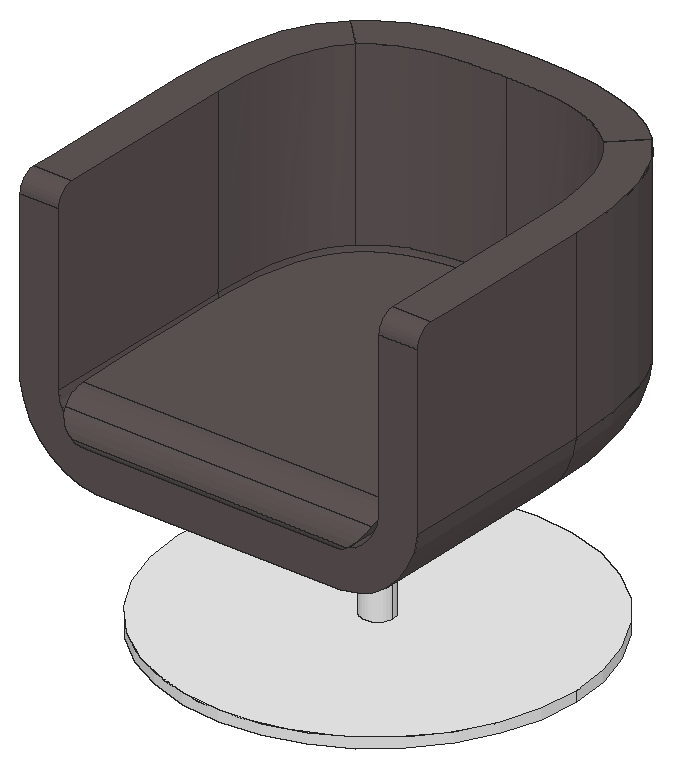
Revit family "Seating-Chair-Teknion-BBTCM_Tulip-R2012", category Furniture, Revit 2013
Parameters (values of type "Swivel Lounge Chair")
  Width = 2' - 2"  # constant formula
  Warranty = "http://www.teknionstudio.com/pdfs/Teknion%20Studio%20Warranty.pdf"
  Unit Weight = 54.00 lbf
  URL = "http://www.teknionstudio.com"
  Series = "B&B Italia"
  Seat Upholstery Finish [instance] = Fabric - Teknion - S618 - Saturate - Claret
  Salvage or Reuse = yes
  Product Page URL = "http://www.teknionstudio.com/tulip/#.Ula9LRAQP-o"
  Product Line = "Tulip"
  Product Documentation Link = "http://www.teknion.com/pricing/studio/pdfs/BBTCM_ppg.pdf"
  Percentage of Recycled Content = 0
  Part Number = "BBTCM"
  Model = "BBTCMA"
  Manufacturer Phone = "919-464-2920"
  Manufacturer Fax = "919-464-2927"
  Manufacturer Email = "mailto:customersupport@teknionstudio.com"
  Manufacturer Address = "3940 US 70 Business HWY West, Clayton, NC 27520"
  Manufacturer = "Teknion Studio"  # constant formula
  Low Emitting Material = yes
  Low Emitting Finish = yes
  Height = 2' - 3 1/2"  # constant formula
  Frame Finish [instance] = Metal - Teknion - C9 - Polished Aluminum
  Description = "Tulip 66, Swivel Lounge Chair"
  Depth = 2' - 2"  # constant formula
  Assembly Code = "E2020200"
Reference planes (in)
  plane 1 "Center (Front/Back)": y = 0
  plane 2: z = 0
  plane 3 "Center (Left/Right)": x = 0
  plane 4 "Top": z = 27.5
  plane 5: z = 10.5
  plane 6 "Left": x = -13
  plane 7 "Right": x = 13
  plane 8 "Back": y = 13
  plane 9 "Front": y = -13
  plane 10 "Seat": z = 13
  plane 11: y = 10.5
  plane 12 "Masking Region": z = 15.75
Forms (in)
  Extrusion 1, solid, material "Fabric - Teknion - S618 - Saturate - Claret" <- "Seat Upholstery Finish"
    sketch origin (0, 0, 0) x (1, 0, 0) y (0, 1, 0)
      loop
        line (-13, 0) -> (-13, -13) -> (13, -13) -> (13, 0)
        spline (13, 0) -> (12.90885, 2.35225) -> (12.6357, 4.42818) -> (12.18105, 6.24149) -> (11.54536, 7.80585) -> (10.72911, 9.13494) -> (9.73279, 10.24244) -> (8.55687, 11.14202) -> (7.20183, 11.84737) -> (5.66814, 12.37216) -> (3.95629, 12.73008) -> (2.06675, 12.9348) -> (0, 13)
        spline (0, 13) -> (-2.06675, 12.9348) -> (-3.95629, 12.73008) -> (-5.66814, 12.37216) -> (-7.20183, 11.84737) -> (-8.55687, 11.14202) -> (-9.73279, 10.24244) -> (-10.72911, 9.13494) -> (-11.54536, 7.80585) -> (-12.18105, 6.24149) -> (-12.6357, 4.42818) -> (-12.90885, 2.35225) -> (-13, 0)
    from 10.5 to 27.5
  Sweep 2, void
    path in 3D
      loop
        line (-13, -13, 27.5) -> (13, -13, 27.5)
    profile origin (0, -13, 27.5) x (0, 1, 0) y (0, 0, 1)
      loop
        line (2.80317, 0) -> (2.80317, 0.37309) -> (-0.5, 0.37309) -> (-0.5, -2.37691) -> (0, -2.37691) -> (0, -1.12309)
        arc (0, -1.12309) -> (0.32894, -0.32894) -> (1.12309, 0) r 1.12309
        line (1.12309, 0) -> (2.80317, 0)
  Extrusion 3, void
    sketch origin (0, 0, 13) x (-1, 0, 0) y (0, -1, 0)
      loop
        line (6.48147, -6.63615) -> (6.45937, -6.65824) -> (12.90056, -13.09944) -> (12.92266, -13.07734) -> (6.48147, -6.63615)
      loop
        line (-6.48147, -6.63615) -> (-12.92266, -13.07734) -> (-12.90056, -13.09944) -> (-6.45937, -6.65824) -> (-6.48147, -6.63615)
    from -13 to 14.5
  Extrusion 4, solid, material "Metal - Teknion - C9 - Polished Aluminum" <- "Frame Finish"
    sketch origin (0, 0, 0) x (1, 0, 0) y (0, 1, 0)
      loop
        circle (0, 0) r 13
    from 0 to 0.67188
  Extrusion 5, solid, material "Metal - Teknion - C9 - Polished Aluminum" <- "Frame Finish"
    sketch origin (0, 0, 0) x (1, 0, 0) y (0, 1, 0)
      loop
        circle (0, 0) r 1
    from 0.67188 to 10.5
  Sweep 6, void
    path in 3D
      loop
        line (-13, -13, 10.5) -> (-13, 0, 10.5)
        spline (-13, 0, 10.5) -> (-12.90885, 2.35225, 10.5) -> (-12.6357, 4.42818, 10.5) -> (-12.18105, 6.24149, 10.5) -> (-11.54536, 7.80585, 10.5) -> (-10.72911, 9.13494, 10.5) -> (-9.73279, 10.24244, 10.5) -> (-8.55687, 11.14202, 10.5) -> (-7.20183, 11.84737, 10.5) -> (-5.66814, 12.37216, 10.5) -> (-3.95629, 12.73008, 10.5) -> (-2.06675, 12.9348, 10.5) -> (0, 13, 10.5)
        spline (0, 13, 10.5) -> (2.06675, 12.9348, 10.5) -> (3.95629, 12.73008, 10.5) -> (5.66814, 12.37216, 10.5) -> (7.20183, 11.84737, 10.5) -> (8.55687, 11.14202, 10.5) -> (9.73279, 10.24244, 10.5) -> (10.72911, 9.13494, 10.5) -> (11.54536, 7.80585, 10.5) -> (12.18105, 6.24149, 10.5) -> (12.6357, 4.42818, 10.5) -> (12.90885, 2.35225, 10.5) -> (13, 0, 10.5)
        line (13, 0, 10.5) -> (13, -13, 10.5)
    profile origin (-13, -6.5, 10.5) x (1, 0, 0) y (0, 0, -1)
      loop
        line (0, 0) -> (0, -5)
        arc (0, -5) -> (1.59001, -1.59001) -> (5, 0) r 5.5
        line (5, 0) -> (0, 0)
  Extrusion 7, void
    sketch origin (0, 0, 0) x (1, 0, 0) y (0, 1, 0)
      loop
        line (-10.5, 0) -> (-10.5, -14) -> (10.5, -14) -> (10.5, 0)
        spline (10.5, 0) -> (10.41728, 2.14698) -> (10.17843, 3.96769) -> (9.80226, 5.47232) -> (9.31181, 6.68297) -> (8.72473, 7.64098) -> (8.03836, 8.40426) -> (7.22084, 9.02907) -> (6.22532, 9.54599) -> (5.01513, 9.95889) -> (3.57346, 10.25953) -> (1.89946, 10.4404) -> (0, 10.5)
        spline (0, 10.5) -> (-1.89946, 10.4404) -> (-3.57346, 10.25953) -> (-5.01513, 9.95889) -> (-6.22532, 9.54599) -> (-7.22084, 9.02907) -> (-8.03836, 8.40426) -> (-8.72473, 7.64097) -> (-9.31181, 6.68297) -> (-9.80224, 5.47231) -> (-10.17847, 3.96773) -> (-10.41727, 2.14697) -> (-10.5, 0)
    from 13 to 27.5
  Sweep 8, solid, material "Fabric - Teknion - S618 - Saturate - Claret" <- "Seat Upholstery Finish"
    path origin (0, 0, 0) x (1, 0, 0) y (0, 1, 0)
      loop
        line (10.5, -13) -> (10.5, 0)
        spline (10.5, 0) -> (10.41728, 2.14698) -> (10.17843, 3.96769) -> (9.80226, 5.47232) -> (9.31181, 6.68297) -> (8.72473, 7.64098) -> (8.03836, 8.40426) -> (7.22084, 9.02907) -> (6.22532, 9.54599) -> (5.01513, 9.95889) -> (3.57346, 10.25953) -> (1.89946, 10.4404) -> (0, 10.5)
        spline (0, 10.5) -> (-1.89946, 10.4404) -> (-3.57346, 10.25953) -> (-5.01513, 9.95889) -> (-6.22532, 9.54599) -> (-7.22084, 9.02907) -> (-8.03836, 8.40426) -> (-8.72473, 7.64097) -> (-9.31181, 6.68297) -> (-9.80224, 5.47231) -> (-10.17847, 3.96773) -> (-10.41727, 2.14697) -> (-10.5, 0)
        line (-10.5, 0) -> (-10.5, -13)
    profile origin (-10.5, -6.5, 0) x (1, 0, 0) y (0, 0, 1)
      loop
        line (0, 13) -> (2.75, 13)
        arc (2.75, 13) -> (0.86904, 13.86904) -> (0, 15.75) r 3
        line (0, 15.75) -> (0, 13)
  Sweep 9, solid, material "Fabric - Teknion - S618 - Saturate - Claret" <- "Seat Upholstery Finish"
    path origin (0, -10.5, 0) x (-1, 0, 0) y (0, 0, 1)
      loop
        line (13, 13) -> (-13, 13)
    profile origin (0, -10.5, 13) x (0, 0, -1) y (0, 1, 0)
      loop
        line (-0.25, -2.82183) -> (-0.25, 19.17817)
        arc (-0.25, 19.17817) -> (-1.09183, 20.25728) -> (-2.29069, 20.91749) r 3.40321
        arc (-2.29069, 20.91749) -> (-2.60078, 10.09521) -> (-2.55506, -0.73141) r 329.42284
        arc (-2.55506, -0.73141) -> (-2.37997, -1.66889) -> (-1.91223, -2.5) r 2.92093
        arc (-1.91223, -2.5) -> (-1.35331, -2.98147) -> (-0.65906, -3.23089) r 2.02576
        arc (-0.65906, -3.23089) -> (-0.36981, -3.11108) -> (-0.25, -2.82183) r 0.40906
  Sweep 10, void
    path origin (0, 0, 0) x (1, 0, 0) y (0, 1, 0)
      loop
        line (0, -15.5) -> (0, 10.5)
    profile origin (0, -2.5, 0) x (-1, 0, 0) y (0, 0, 1)
      loop
        line (-10.2508, 16.21068) -> (-14.5008, 16.21068) -> (-14.5008, 13) -> (-7.60653, 13) -> (-7.60653, 13.24206)
        arc (-7.60653, 13.24206) -> (-9.56313, 14.16123) -> (-10.2508, 16.21068) r 2.75
      loop
        arc (10.2508, 16.21068) -> (9.56313, 14.16123) -> (7.60653, 13.24206) r 2.75
        line (7.60653, 13.24206) -> (7.60653, 13) -> (14.5008, 13) -> (14.5008, 16.21068) -> (10.2508, 16.21068)
  Sweep 11, void
    path origin (0, 0, 0) x (0, 1, 0) y (0, 0, 1)
      loop
        line (0, 10.5) -> (0, 16.5)
    profile origin (0, 0, 13.5) x (0, -1, 0) y (1, 0, 0)
      loop
        spline (0, -10.5) -> (-2.14697, -10.41727) -> (-3.96773, -10.17847) -> (-5.47231, -9.80224) -> (-6.68297, -9.31181) -> (-7.64097, -8.72473) -> (-8.40426, -8.03836) -> (-9.02907, -7.22084) -> (-9.54599, -6.22532) -> (-9.95889, -5.01513) -> (-10.25953, -3.57346) -> (-10.4404, -1.89946) -> (-10.5, 0)
        spline (-10.5, 0) -> (-10.4404, 1.89946) -> (-10.25953, 3.57346) -> (-9.95889, 5.01513) -> (-9.54599, 6.22532) -> (-9.02907, 7.22084) -> (-8.40426, 8.03836) -> (-7.64098, 8.72473) -> (-6.68297, 9.31181) -> (-5.47232, 9.80226) -> (-3.96769, 10.17843) -> (-2.14698, 10.41728) -> (0, 10.5)
        line (0, 10.5) -> (14, 10.5) -> (14, 14.28283) -> (-13, 14.28283) -> (-13, -14.28283) -> (14, -14.28283) -> (14, -10.5) -> (0, -10.5)
Cuts and joins
  Sweep 2, Extrusion 3, Sweep 6, Extrusion 7 cuts Extrusion 1
  Extrusion 3 cuts Sweep 8
  joined: Extrusion 1, Sweep 8
  Sweep 6 cuts Extrusion 5
  Sweep 10, Sweep 11 cuts Sweep 9
Lines and regions (in)
  Masking region 1
    outline origin (0, 0, 15.75) x (-1, 0, 0) y (0, -1, 0)
      loop
        line (13, 0) -> (13, 13) -> (10.03949, 13)
        spline (10.03949, 13) -> (9.99597, 13.11392) -> (9.9438, 13.21753) -> (9.88299, 13.31104) -> (9.81354, 13.3946) -> (9.73542, 13.46817) -> (9.64858, 13.53166) -> (9.5531, 13.58515) -> (9.44969, 13.62932) -> (9.33916, 13.66505) -> (9.22218, 13.69323) -> (9.09863, 13.71484) -> (8.96826, 13.73089)
        line (8.96826, 13.73089) -> (-8.96826, 13.73089)
        spline (-8.96826, 13.73089) -> (-9.09863, 13.71484) -> (-9.22218, 13.69323) -> (-9.33916, 13.66505) -> (-9.44969, 13.62932) -> (-9.5531, 13.58515) -> (-9.64858, 13.53166) -> (-9.73542, 13.46817) -> (-9.81354, 13.3946) -> (-9.88299, 13.31104) -> (-9.9438, 13.21753) -> (-9.99597, 13.11392) -> (-10.03949, 13)
        line (-10.03949, 13) -> (-13, 13) -> (-13, 0)
        spline (-13, 0) -> (-12.96511, -1.18786) -> (-12.88816, -2.30866) -> (-12.76919, -3.36393) -> (-12.60824, -4.35521) -> (-12.40533, -5.28404) -> (-12.16051, -6.15198) -> (-11.87382, -6.96056) -> (-11.54528, -7.71132) -> (-11.17494, -8.4058) -> (-10.76284, -9.04555) -> (-10.309, -9.63211) -> (-9.81347, -10.16702)
        spline (-9.81347, -10.16702) -> (-9.24739, -10.6553) -> (-8.63534, -11.09181) -> (-7.97738, -11.47832) -> (-7.27358, -11.81661) -> (-6.52398, -12.10846) -> (-5.72866, -12.35564) -> (-4.88768, -12.55992) -> (-4.0011, -12.72308) -> (-3.06897, -12.8469) -> (-2.09138, -12.93314) -> (-1.06836, -12.98358) -> (0, -13)
        spline (0, -13) -> (1.06836, -12.98358) -> (2.09138, -12.93314) -> (3.06897, -12.8469) -> (4.0011, -12.72308) -> (4.88768, -12.55992) -> (5.72866, -12.35564) -> (6.52398, -12.10846) -> (7.27358, -11.81661) -> (7.97738, -11.47832) -> (8.63534, -11.09181) -> (9.24739, -10.6553) -> (9.81347, -10.16702)
        spline (9.81347, -10.16702) -> (10.309, -9.63211) -> (10.76284, -9.04555) -> (11.17494, -8.4058) -> (11.54528, -7.71132) -> (11.87382, -6.96056) -> (12.16051, -6.15198) -> (12.40533, -5.28404) -> (12.60824, -4.35521) -> (12.76919, -3.36393) -> (12.88816, -2.30866) -> (12.96511, -1.18786) -> (13, 0)
  sketch lines
    curve 1: line (-13, -13, 27.5) -> (13, -13, 27.5)
    curve 2: line (-13, -13, 10.5) -> (-13, 0, 10.5)
    curve 3: spline (0, 13, 10.5) -> (-2.06675, 12.9348, 10.5) -> (-3.95629, 12.73008, 10.5) -> (-5.66814, 12.37216, 10.5) -> (-7.20183, 11.84737, 10.5) -> (-8.55687, 11.14202, 10.5) -> (-9.73279, 10.24244, 10.5) -> (-10.72911, 9.13494, 10.5) -> (-11.54536, 7.80585, 10.5) -> (-12.18105, 6.24149, 10.5) -> (-12.6357, 4.42818, 10.5) -> (-12.90885, 2.35225, 10.5) -> (-13, 0, 10.5)
    curve 4: spline (13, 0, 10.5) -> (12.90885, 2.35225, 10.5) -> (12.6357, 4.42818, 10.5) -> (12.18105, 6.24149, 10.5) -> (11.54536, 7.80585, 10.5) -> (10.72911, 9.13494, 10.5) -> (9.73279, 10.24244, 10.5) -> (8.55687, 11.14202, 10.5) -> (7.20183, 11.84737, 10.5) -> (5.66814, 12.37216, 10.5) -> (3.95629, 12.73008, 10.5) -> (2.06675, 12.9348, 10.5) -> (0, 13, 10.5)
    curve 5: line (13, 0, 10.5) -> (13, -13, 10.5)
  symbolic lines, detail levels medium+fine
    curve 6: line (-10.5, 0, 15.75) -> (-10.5, -13, 15.75)
    curve 7: line (-10.5, 0, 15.75) -> (-8.07977, 8.27864, 15.75)
    curve 8: line (-8.04478, 8.39833, 15.75) -> (0, 10.5, 15.75)
    curve 9: line (0, 10.5, 15.75) -> (8.04478, 8.39833, 15.75)
    curve 10: line (8.04478, 8.39833, 15.75) -> (10.5, 0, 15.75)
    curve 11: line (10.5, -13, 15.75) -> (10.5, 0, 15.75)
  symbolic lines
    curve 12: line (-10.03949, -13, 15.75) -> (-10.03949, -0.03536, 15.75)
    curve 15: line (-10.03949, -0.03536, 15.75) -> (-7.71721, 8.0601, 15.75)
    curve 16: line (-7.71721, 8.0601, 15.75) -> (0, 10.03125, 15.75)
    curve 17: line (10.03949, -13, 15.75) -> (10.03949, -0.03536, 15.75)
    curve 18: line (10.03949, -0.03536, 15.75) -> (7.71721, 8.0601, 15.75)
    curve 19: line (7.71721, 8.0601, 15.75) -> (0, 10.03125, 15.75)
  symbolic lines, detail levels fine
    curve 13: line (-8.07977, 8.27864, 15.75) -> (-9.89235, 10.09122, 15.75)
    curve 14: line (9.89235, 10.09122, 15.75) -> (8.12439, 8.32326, 15.75)
Dimensions and locks (in)
  "Height": plane 4 "Top" to level
  locked: plane 5 to level at 10.5
  "Width": plane 6 "Left" to plane 7 "Right"
  equal spacing: plane 6 "Left", plane 3 "Center (Left/Right)", plane 7 "Right"
  equal spacing: plane 8 "Back", plane 1 "Center (Front/Back)", plane 9 "Front"
  "Depth": plane 8 "Back" to plane 9 "Front"
  locked: plane 10 "Seat" to plane 5 at 2.5
  locked: Extrusion 4 to level at 0.67188
  locked: plane 8 "Back" to plane 11 at 2.5
  locked: plane 6 "Left" to Extrusion 7 sketch curve at 2.5
  locked: Extrusion 7 sketch curve to plane 7 "Right" at 2.5
  locked: plane 9 "Front" to Extrusion 7 sketch curve at 1
  locked: Extrusion 3 sketch curve to Extrusion 3 sketch curve at 9.10922  (x2)
  locked: Extrusion 3 sketch curve to plane 3 "Center (Left/Right)" at 6.45937
  plane 3 "Center (Left/Right)" to Extrusion 3 sketch curve = 0' - 6.45937"
  locked: Extrusion 3 sketch curve to plane 3 "Center (Left/Right)" at 12.90056
  plane 3 "Center (Left/Right)" to Extrusion 3 sketch curve = 1' - 0.90056"
  plane 8 "Back" to Extrusion 3 sketch curve to Extrusion 3 sketch curve = 0' - 9.05176" locked, 0' - 0 1/32" locked
  Extrusion 3 sketch curve to Extrusion 3 sketch curve to plane 8 "Back" = 0' - 0 1/32", 0' - 9.05176"
  locked: plane 9 "Front" to Sweep 10 sketch curve at 2.5
  locked: plane 1 "Center (Front/Back)" to Sweep 10 sketch curve at 10.5
  locked: plane 6 "Left" to Sweep 10 sketch curve at 1.5008
  locked: Sweep 10 sketch curve to plane 7 "Right" at 1.5008
  locked: Sweep 11 sketch curve to plane 5 at 6
  locked: plane 7 "Right" to Sweep 11 sketch curve at 1.28283
  locked: Sweep 11 sketch curve to plane 6 "Left" at 1.28283
  locked: plane 9 "Front" to Masking region 1 sketch curve at 0.73089
  curve 12 to plane 3 "Center (Left/Right)" to curve 17 = 0' - 10.03949" locked, 0' - 10.03949" locked
  locked: plane 8 "Back" to curve 16 at 4.9399
  locked: plane 8 "Back" to curve 19 at 4.9399
  locked: plane 11 to curve 19 at 0.46875
  locked: plane 12 "Masking Region" to plane 2 at 15.75
  locked: plane 6 "Left" to Sweep 8 sketch curve at 2.5
  locked: Sweep 8 sketch curve to plane 7 "Right" at 2.5
  locked: Sweep 8 sketch curve to plane 6 "Left" at 2.5
  radius of Extrusion 4 sketch curve = 1' - 1"
  aligned and locked: plane 1 "Center (Front/Back)" to Extrusion 1 sketch curve  (x2)
  aligned and locked: Extrusion 1 sketch curve to plane 9 "Front"
  aligned and locked: Extrusion 1 sketch curve to plane 6 "Left"
  aligned and locked: plane 7 "Right" to Extrusion 1 sketch curve
  aligned and locked: Extrusion 1 to plane 5
  aligned and locked: plane 4 "Top" to Extrusion 1
  aligned and locked: Extrusion 5 to Extrusion 4
  aligned and locked: plane 5 to Extrusion 5
  aligned: cut or joined group of Extrusion 1, Sweep 2, Extrusion 3, Sweep 6, Extrusion 7, Sweep 8 to plane 10 "Seat"
  aligned and locked: plane 3 "Center (Left/Right)" to Extrusion 5 sketch curve
  aligned and locked: plane 1 "Center (Front/Back)" to Extrusion 5 sketch curve
  aligned and locked: plane 1 "Center (Front/Back)" to Extrusion 4 sketch curve
  aligned and locked: plane 3 "Center (Left/Right)" to Extrusion 4 sketch curve
  aligned and locked: Extrusion 4 to plane 2
  aligned and locked: Extrusion 3 to level
  aligned and locked: plane 4 "Top" to Extrusion 3
  aligned and locked: plane 1 "Center (Front/Back)" to Extrusion 7 sketch curve  (x2)
  aligned and locked: plane 11 to Extrusion 7 sketch curve
  aligned and locked: plane 4 "Top" to Extrusion 7
  aligned and locked: Extrusion 7 to plane 10 "Seat"
  aligned and locked: Masking region 1 sketch curve to cut or joined group of Extrusion 1, Sweep 2, Extrusion 3, Sweep 6, Extrusion 7, Sweep 8  (x3)
  aligned and locked: curve 6 to cut or joined group of Extrusion 1, Sweep 2, Extrusion 3, Sweep 6, Extrusion 7, Sweep 8
  aligned and locked: curve 11 to cut or joined group of Extrusion 1, Sweep 2, Extrusion 3, Sweep 6, Extrusion 7, Sweep 8
  aligned and locked: plane 6 "Left" to Sweep 9 sketch curve
  aligned and locked: plane 7 "Right" to Sweep 9 sketch curve
  aligned and locked: Sweep 9 sketch curve to plane 10 "Seat"
  aligned and locked: plane 3 "Center (Left/Right)" to Sweep 10 sketch curve
  aligned and locked: Sweep 10 sketch curve to plane 10 "Seat"
  aligned and locked: plane 10 "Seat" to Sweep 10 sketch curve
  aligned and locked: plane 5 to Sweep 11 sketch curve
  aligned and locked: Sweep 11 sketch curve to plane 8 "Back"
  aligned and locked: cut or joined group of Extrusion 1, Sweep 2, Extrusion 3, Sweep 6, Extrusion 7, Sweep 8 to curve 13
  aligned and locked: curve 14 to cut or joined group of Extrusion 1, Sweep 2, Extrusion 3, Sweep 6, Extrusion 7, Sweep 8
  aligned and locked: plane 3 "Center (Left/Right)" to curve 19
  aligned and locked: plane 9 "Front" to curve 17
  aligned and locked: plane 9 "Front" to curve 12
  aligned and locked: plane 9 "Front" to curve 11
  aligned and locked: plane 9 "Front" to curve 6
  aligned and locked: Sweep 8 sketch curve to plane 10 "Seat"
Automatic sketch dimensions
  Extrusion 1 sketch curve to plane 3 "Center (Left/Right)" = 0' - 0"
  Extrusion 7 sketch curve to plane 3 "Center (Left/Right)" = 0' - 0"
  Sweep 8 sketch curve to plane 9 "Front" = 0' - 0"  (x2)
  Sweep 8 sketch curve to plane 3 "Center (Left/Right)" = 0' - 0"
  Sweep 8 sketch curve to plane 11 = 0' - 0"
  plane 1 "Center (Front/Back)" to Sweep 8 sketch curve = 0' - 0"
  Sweep 11 sketch curve to plane 1 "Center (Front/Back)" = 0' - 0"
  Sweep 11 sketch curve to plane 3 "Center (Left/Right)" = 0' - 0"
  Sweep 11 sketch curve to profile plane = 0' - 0"  (x2)
  Sweep 11 sketch curve to profile plane = 1' - 2"  (x2)
  Sweep 11 sketch curve to Sweep 11 sketch curve = 0' - 3.78283"  (x2)
  Sweep 2 sketch curve to profile plane = 0' - 0"  (x2)
  profile plane to Sweep 2 sketch curve = 0' - 0 1/2"
  Sweep 2 sketch curve to profile plane = 0' - 1.12309"
  Sweep 2 sketch curve to Sweep 2 sketch curve = 0' - 1.68009"
  Sweep 2 sketch curve to Sweep 2 sketch curve = 0' - 1.25382"
  profile plane to Sweep 2 sketch curve = 0' - 0.37309"
  profile plane to Sweep 6 sketch curve = 0' - 0"
  Sweep 6 sketch curve to profile plane = 0' - 0"
  Sweep 6 sketch curve to profile plane = 0' - 5"  (x2)
  Sweep 6 sketch curve to profile plane = 0' - 5.47909"
  Sweep 8 sketch curve to profile plane = 0' - 2 3/4"
  Sweep 8 sketch curve to profile plane = 0' - 2.99036"
  Sweep 8 sketch curve to Sweep 8 sketch curve = 0' - 2 3/4"
  profile plane to Sweep 9 sketch curve = 0' - 3.2994"
  Sweep 9 sketch curve to profile plane = 0' - 0.73141"
  profile plane to Sweep 9 sketch curve = 0' - 2.55506"
  Sweep 9 sketch curve to Sweep 9 sketch curve = 0' - 0"  (x2)
  profile plane to Sweep 9 sketch curve = 0' - 2.29069"
  Sweep 9 sketch curve to Sweep 9 sketch curve = 0' - 0.64283"
  profile plane to Sweep 9 sketch curve = 0' - 0.65906"
  profile plane to Sweep 9 sketch curve = 0' - 0.33272"
  profile plane to Sweep 9 sketch curve = 0' - 0 1/4"
  Sweep 9 sketch curve to profile plane = 0' - 0.36525"
  profile plane to Sweep 9 sketch curve = 0' - 6.07274"
  Sweep 9 sketch curve to Sweep 9 sketch curve = 27' - 2.43226"
  Sweep 9 sketch curve to Sweep 9 sketch curve = 0' - 3.25028"
  Sweep 10 sketch curve to Sweep 10 sketch curve = 0' - 4 1/4"
  Sweep 10 sketch curve to Sweep 10 sketch curve = 0' - 2.64427"
  Sweep 10 sketch curve to Sweep 10 sketch curve = 0' - 0.09689"  (x2)
  Sweep 10 sketch curve to Sweep 10 sketch curve = 0' - 6.99116"
  Sweep 10 sketch curve to Sweep 10 sketch curve = 0' - 2.74116"
  Sweep 10 sketch curve to Sweep 10 sketch curve = 0' - 0.24206"  (x2)
  Sweep 10 sketch curve to Sweep 10 sketch curve = 0' - 2.74829"  (x2)
  Masking region 1 sketch curve to plane 9 "Front" = 0' - 0"
  Masking region 1 sketch curve to plane 3 "Center (Left/Right)" = 0' - 0"
  Masking region 1 sketch curve to plane 8 "Back" = 0' - 0"
  plane 1 "Center (Front/Back)" to Masking region 1 sketch curve = 0' - 0"  (x2)
  Masking region 1 sketch curve to plane 7 "Right" = 0' - 2.96051"
  Masking region 1 sketch curve to plane 11 = 0' - 0.33298"  (x2)
  Masking region 1 sketch curve to plane 7 "Right" = 0' - 3.18653"
  Masking region 1 sketch curve to Masking region 1 sketch curve = 0' - 1.07123"  (x2)
  plane 6 "Left" to Masking region 1 sketch curve = 0' - 4.03174"
  plane 6 "Left" to Masking region 1 sketch curve = 0' - 3.18653"
  plane 1 "Center (Front/Back)" to curve 10 = 0' - 0"
  curve 9 to plane 3 "Center (Left/Right)" = 0' - 0"
  curve 9 to plane 11 = 0' - 0"
  plane 1 "Center (Front/Back)" to curve 6 = 0' - 0"
  curve 14 to plane 11 = 0' - 0.40878"
  curve 14 to plane 7 "Right" = 0' - 3.10765"
  curve 14 to plane 11 = 0' - 2.17674"
  curve 14 to curve 14 = 0' - 1.76796"
  curve 9 to plane 11 = 0' - 2.10167"
  curve 14 to curve 9 = 0' - 0.07961"
  plane 6 "Left" to curve 15 = 0' - 5.28279"
  curve 7 to plane 11 = 0' - 2.22136"
  curve 15 to curve 7 = 0' - 0.36256"
  curve 8 to plane 11 = 0' - 2.10167"
  curve 8 to curve 7 = 0' - 0.03499"
  curve 13 to plane 11 = 0' - 0.40878"
  curve 13 to curve 13 = 0' - 1.81258"
  plane 1 "Center (Front/Back)" to curve 15 = 0' - 0.03536"
  plane 1 "Center (Front/Back)" to curve 18 = 0' - 0.03536"
  curve 9 to curve 18 = 0' - 0.32757"
  radius of Extrusion 5 sketch curve = 0' - 1"
